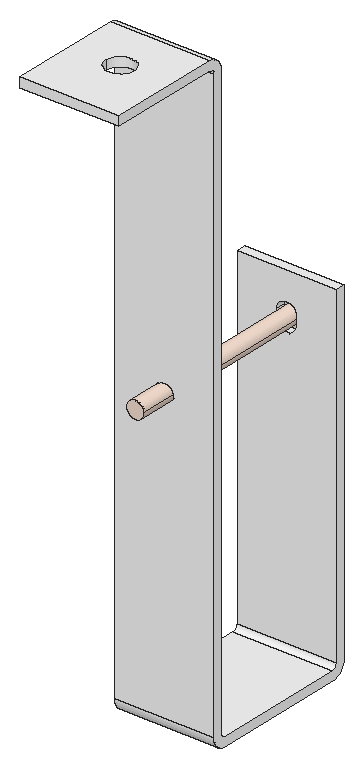
Revit family "lghanger_c100x50x20_outer", category 機械設備, Revit 2022
Family settings
  丸型コネクタ寸法 = 直径を使用
  種別 = なし
  パーツ タイプ = 標準
  作業面ベース = いいえ
  常に垂直 = はい
  ロード時にボイドで切り取り = いいえ
  注釈の向きを維持 = いいえ
  共有 = いいえ
  部屋計算ポイント = いいえ
Parameters
  製造元 = "株式会社桐井製作所"
  既定の高さ = 0 mm
  URL = "https://www.kirii.co.jp/"
  K_材質 = "SGHC　一般用"
  K_品名 = "100×50×20LGハンガー(外折れ)"
  K_名称 = "その他ハンガー"
  K_入数 = "50"
  K_バージョン情報 = "20211012"
  K_めっき付着量 = "Z12"
  K_JIS規格 = "JIS G 3302"
Reference planes
  plane 1 "中心(正面/背面)": y = 0
  plane 2: z = 0
  plane 3 "中心(左/右)": x = 0
  plane 4: x = 17.5
  plane 5: x = -17.5
Forms (mm)
  Extrusion 1, solid
    sketch origin (0, 0, 0) x (0, 1, 0) y (0, 0, 1)
      loop
        line (0, 1.8) -> (0, 211.8)
        arc (0, 211.8) -> (-1.464, 215.336) -> (-5, 216.8) r 5
        line (-5, 216.8) -> (-45, 216.8) -> (-45, 213.6) -> (-5, 213.6)
        arc (-5, 213.6) -> (-3.727, 213.073) -> (-3.2, 211.8) r 1.8
        line (-3.2, 211.8) -> (-3.2, 1.8)
        arc (-3.2, 1.8) -> (-1.736, -1.736) -> (1.8, -3.2) r 5
        line (1.8, -3.2) -> (49.2, -3.2)
        arc (49.2, -3.2) -> (52.736, -1.736) -> (54.2, 1.8) r 5
        line (54.2, 1.8) -> (54.2, 119.8) -> (51, 119.8) -> (51, 1.8)
        arc (51, 1.8) -> (50.473, 0.527) -> (49.2, 0) r 1.8
        line (49.2, 0) -> (1.8, 0)
        arc (1.8, 0) -> (0.527, 0.527) -> (0, 1.8) r 1.8
    from -17.5 to 17.5
  Extrusion 2, void
    sketch origin (0, 0, 0) x (1, 0, 0) y (0, 1, 0)
      loop
        circle (0, -22.5) r 5
    from 213.6 to 216.8
  Extrusion 3, void
    sketch origin (0, 0, 25) x (1, 0, 0) y (0, 0, 1)
      loop
        circle (0, 79.96) r 3
    from 0 to 3.2
  Extrusion 4, void
    sketch origin (0, 15, 40.04) x (1, 0, 0) y (0, 0, 1)
      loop
        arc (3.5, 66.5) -> (0, 70) -> (-3.5, 66.5) r 3.5
        line (-3.5, 66.5) -> (-3.5, 63.5)
        arc (-3.5, 63.5) -> (0, 60) -> (3.5, 63.5) r 3.5
        line (3.5, 63.5) -> (3.5, 66.5)
    from -39.2 to -36
Cuts and joins
  Extrusion 2, Extrusion 3, Extrusion 4 cuts Extrusion 1
Dimensions and locks
  aligned and locked: level to plane 2
Nested families
  nested 1: "M6×70ボルト" at (-0.011, 54.2, 105.16) x (-1, 0, 0) z (0, 0, 1), type "M6×70ボルト"
Definition of nested family "M6×70ボルト"
  Parameters (values of type "M6×70ボルト")
    Manufacturer = "株式会社桐井製作所"
    Default Elevation = 0 mm
    URL = "https://www.kirii.co.jp/"
    K_名称 = "M6×70ボルト"
  Reference planes
    plane 1 "中心(正面/背面)": y = 0
    plane 2: z = 0
    plane 3 "中心(左/右)": x = 0
    plane 4 "正面": y = -4
  Forms (mm)
    Extrusion 1, solid
      sketch origin (0, 0, 0) x (1, 0, 0) y (0, 0, 1)
        loop
          line (-4.763, -2.946) -> (0, -5.696) -> (4.763, -2.946) -> (4.763, 2.554) -> (0, 5.304) -> (-4.763, 2.554) -> (-4.763, -2.946)
      from 0 to 4
    Extrusion 2, void
      sketch origin (0, -4, 0) x (-1, 0, 0) y (0, 0, 1)
        loop
          circle (0, -0.156) r 4.396
      from 0 to 1
    Extrusion 3, void
      sketch origin (0, -4, 0) x (-1, 0, 0) y (0, 0, 1)
        loop
          arc (-0.6, 1.814) -> (-1.069, 0.856) -> (-2.036, 0.404) r 1.605
          line (-2.036, 0.404) -> (-2.939, 0.404)
          arc (-2.939, 0.404) -> (-3, -0.195) -> (-2.94, -0.795) r 3
          line (-2.94, -0.795) -> (-2.049, -0.795)
          arc (-2.049, -0.795) -> (-1.074, -1.243) -> (-0.6, -2.206) r 1.605
          line (-0.6, -2.206) -> (-0.6, -3.135)
          arc (-0.6, -3.135) -> (0, -3.196) -> (0.6, -3.135) r 3
          line (0.6, -3.135) -> (0.6, -2.206)
          arc (0.6, -2.206) -> (1.074, -1.243) -> (2.049, -0.795) r 1.605
          line (2.049, -0.795) -> (2.94, -0.795)
          arc (2.94, -0.795) -> (3, -0.198) -> (2.941, 0.398) r 3
          line (2.941, 0.398) -> (2.117, 0.398)
          arc (2.117, 0.398) -> (1.098, 0.828) -> (0.6, 1.814) r 1.605
          line (0.6, 1.814) -> (0.6, 2.743)
          arc (0.6, 2.743) -> (0, 2.804) -> (-0.6, 2.743) r 3
          line (-0.6, 2.743) -> (-0.6, 1.814)
      from 0 to 2
    Extrusion 4, solid
      sketch origin (0, 0, 0) x (1, 0, 0) y (0, 0, 1)
        loop
          circle (-0.011, -0.2) r 3
      from 0 to -70
  Cuts and joins
    Extrusion 2, Extrusion 3 cuts Extrusion 1
    joined: Extrusion 1, Extrusion 4
  Dimensions and locks
    aligned and locked: level to plane 2
